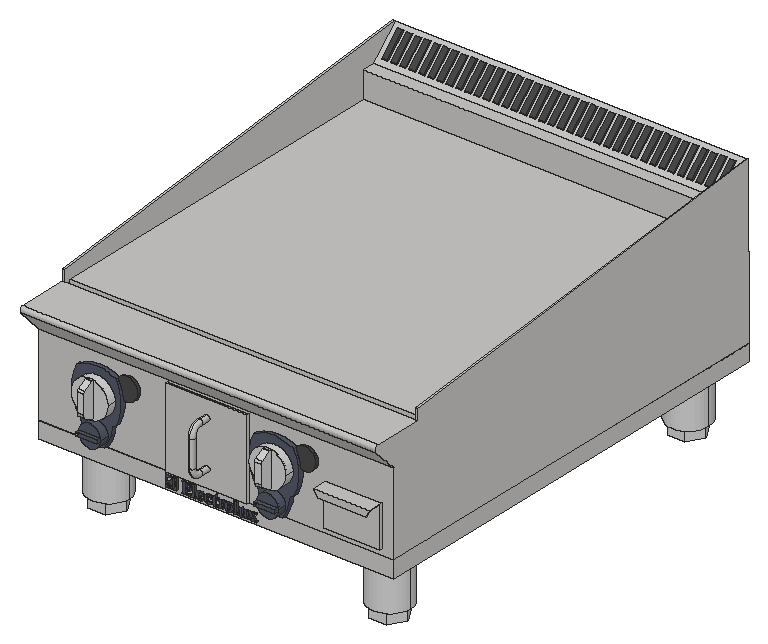
Revit family "QF_ELECTROLUXPROFESSIONAL_169112_ARG24FL", category Specialty Equipment, Revit 2018
Family settings
  Round Connector Dimension = Use Diameter
  Part Type = Normal
  Work Plane-Based = No
  Always vertical = Yes
  Cut with Voids When Loaded = No
  Shared = Yes
  Room Calculation Point = No
Parameters
  Weight = "159 lbs."
  Watts = 0 W
  URL Manufacturer = "www.electrolux.com/foodservice"
  URL Cutsheet = "www.electrolux.com/foodservice"
  URL = "www.electrolux.com/foodservice"
  Type Mark [instance] = ""
  Type Comments = ""
  Status [instance] = ""
  Specification by User [instance] = ""
  Specification by Manufacturer = ""
  Show Logo [instance] = yes
  Show Clearance [instance] = yes
  Serial Number = ""
  Seismic Rating = ""
  SMACNA No = ""
  Revision Code [instance] = ""
  Omniclass Number and Title = ""
  NAFEM Spec ID Number = ""
  Model = "ARG24FL"
  Mechanical Remarks [instance] = ""
  Mechanical Connection Type [instance] = ""
  MasterSpec. = ""
  Manufacturer = "ELECTROLUX"
  Item Number [instance] = ""
  Installed By [instance] = ""
  Identify Quantity as Lot [instance] = yes
  HP = "0 HP"
  Gas Size = 3/4"
  Gas RI Height [instance] = 0"
  Gas RI Connection Height [instance] = 4 15/16"
  Gas KW = 15.2
  Gas Input = 52000.0 Btu/h
  Furnished By [instance] = ""
  Foodservice Equipment Identifier [instance] = yes
  Direct Waste Size = 0"
  Description = "Smooth Gas Griddle Top 24\""
  CSI MasterFormat = ""
  CSI Master Format = ""
Reference planes (in)
  plane 1 "BACK": y = 0
  plane 2: z = 0
  plane 3 "LEFT": x = 0
  plane 4 "RIGHT": x = 24.00787
  plane 5 "FRONT": y = -31.49658
  plane 6 "TOP": z = 16.5
Forms (in)
  Extrusion 1, solid, material "QF_Finishes_Stainless Steel"
    sketch origin (0, 0, 0) x (0, 1, 0) y (0, 0, 1)
      loop
        arc (-31.25479, 12.9375) -> (-31.47376, 12.79398) -> (-31.42952, 12.53592) r 0.23881
        line (-31.42952, 12.53592) -> (-29.9375, 10.93422) -> (-29.9375, 5.4064) -> (0, 5.4064) -> (0, 10.90544) -> (-27.90985, 10.90544) -> (-27.90963, 12.9375) -> (-31.25479, 12.9375)
      loop
        line (-29.9375, 5.36704) -> (-29.9375, 4.25) -> (0, 4.25) -> (0, 5.34478) -> (-29.9375, 5.36704)
    from 0 to 24.00787
  Extrusion 2, solid, material "QF_Finishes_Handrails and Railings"
    sketch origin (0.0197, -1.36719, 0) x (1, 0, 0) y (0, 1, 0)
      loop
        line (3.07085, -24.73494) -> (1.88975, -24.73494) -> (1.2992, -25.75781) -> (1.88975, -26.78067) -> (3.07085, -26.78067) -> (3.6614, -25.75781) -> (3.07085, -24.73494)
    from 0 to 0.78729
  Revolve 3, solid, material "QF_Finishes_Handrails and Railings"
    sketch origin (0.0197, -27.125, 0) x (1, 0, 0) y (0, 0, 1)
      loop
        line (2.4803, 0.78729) -> (2.4803, 4.25) -> (1.10235, 4.25) -> (1.10235, 0.78729) -> (2.4803, 0.78729)
      axis (2.4803, 4.25) -> (2.4803, 0.78729)
    angle from 0 to 360
  Extrusion 4, solid, material "QF_Finishes_Handrails and Railings"
    sketch origin (0.0197, 23.82031, 0) x (1, 0, 0) y (0, 1, 0)
      loop
        line (3.07085, -24.73494) -> (1.88975, -24.73494) -> (1.2992, -25.75781) -> (1.88975, -26.78067) -> (3.07085, -26.78067) -> (3.6614, -25.75781) -> (3.07085, -24.73494)
    from 0 to 0.78729
  Revolve 5, solid, material "QF_Finishes_Handrails and Railings"
    sketch origin (0.0197, -1.9375, 0) x (1, 0, 0) y (0, 0, 1)
      loop
        line (2.4803, 0.78729) -> (2.4803, 4.25) -> (1.10235, 4.25) -> (1.10235, 0.78729) -> (2.4803, 0.78729)
      axis (2.4803, 4.25) -> (2.4803, 0.78729)
    angle from 0 to 360
  Extrusion 6, solid, material "Navy Blue"
    sketch origin (12, -0.0625, 0.0625) x (-1, 0, 0) y (0, 0, -1)
      loop
        arc (6.50574, -9.87065) -> (7.85673, -10.23541) -> (9.20772, -9.87065) r 2.68427
        arc (9.20772, -9.87065) -> (9.54528, -8.46518) -> (9.20772, -7.05971) r 3.09468
        arc (9.20772, -7.05971) -> (9.0835, -6.99168) -> (8.95585, -6.9303) r 2.68427
        arc (8.95585, -6.9303) -> (8.79259, -6.1671) -> (8.45137, -5.46518) r 3.23648
        arc (8.45137, -5.46518) -> (7.85673, -5.39194) -> (7.26209, -5.46518) r 2.45046
        arc (7.26209, -5.46518) -> (6.92088, -6.1671) -> (6.75761, -6.9303) r 3.23648
        arc (6.75761, -6.9303) -> (6.62997, -6.99168) -> (6.50574, -7.05971) r 2.68427
        arc (6.50574, -7.05971) -> (6.16818, -8.46518) -> (6.50574, -9.87065) r 3.09468
    from 29.875 to 30.17272
  Extrusion 7, solid, material "QF_Finishes_Handrails and Railings"
    sketch origin (12, -0.0625, 0.0625) x (-1, 0, 0) y (0, 0, -1)
      loop
        circle (7.85673, -8.46518) r 1.25
    from 30.17272 to 30.7208
  Extrusion 8, solid, material "QF_Finishes_Handrails and Railings"
    sketch origin (12, -0.14406, 0.0625) x (0, 1, 0) y (0, 0, -1)
      loop
        line (-30.7208, -9.61954) -> (-30.63924, -9.61954) -> (-30.63924, -7.31125) -> (-30.7208, -7.31125) -> (-31.27282, -7.62384)
        arc (-31.27282, -7.62384) -> (-31.37661, -7.72631) -> (-31.41471, -7.86711) r 0.27972
        line (-31.41471, -7.86711) -> (-31.41533, -9.12681)
        arc (-31.41533, -9.12681) -> (-31.39236, -9.21203) -> (-31.32961, -9.27409) r 0.16924
        line (-31.32961, -9.27409) -> (-30.7208, -9.61954)
    from 7.63866 to 8.09484
  Extrusion 9, solid, material "Navy Blue", visible <- "Show Logo"
    sketch origin (-13.82651, 15.96237, -64.47924) x (1, 0, 0) y (0, 0, 1)
      loop
        line (22.92786, 69.6462) -> (22.92786, 68.97238)
        arc (22.92786, 68.97238) -> (23.17694, 69.30929) -> (22.92786, 69.6462) r 0.35239
      loop
        arc (22.89359, 69.6462) -> (22.61337, 69.58251) -> (22.47836, 69.32883) r 0.34534
        line (22.47836, 69.32883) -> (22.58983, 69.32883)
        arc (22.58983, 69.32883) -> (22.78898, 69.40966) -> (22.89359, 69.59741) r 0.32369
        line (22.89359, 69.59741) -> (22.89359, 69.6462)
      loop
        arc (22.89359, 69.02118) -> (22.78898, 69.20892) -> (22.58983, 69.28976) r 0.32369
        line (22.58983, 69.28976) -> (22.47836, 69.28976)
        arc (22.47836, 69.28976) -> (22.61314, 69.03398) -> (22.89359, 68.96373) r 0.35438
        line (22.89359, 68.96373) -> (22.89359, 69.02118)
      loop
        line (22.45278, 69.68297) -> (22.45278, 68.93408) -> (23.20268, 68.93408) -> (23.20268, 69.68297) -> (22.45278, 69.68297)
      loop
        line (23.57392, 69.68753) -> (23.57392, 69.6483)
        arc (23.57392, 69.6483) -> (23.62149, 69.63495) -> (23.64661, 69.59241) r 0.06626
        line (23.64661, 69.59241) -> (23.64661, 69.02506)
        arc (23.64661, 69.02506) -> (23.62256, 68.98016) -> (23.57396, 68.96488) r 0.06745
        line (23.57396, 68.96488) -> (23.57396, 68.92937) -> (24.14289, 68.92937) -> (24.14289, 69.07925) -> (24.094, 69.07925)
        arc (24.094, 69.07925) -> (24.0624, 69.02972) -> (24.00915, 69.0049) r 0.10503
        line (24.00915, 69.0049) -> (23.87299, 69.0049)
        arc (23.87299, 69.0049) -> (23.83329, 69.01991) -> (23.81345, 69.05743) r 0.06
        line (23.81345, 69.05743) -> (23.81345, 69.28009) -> (24.01361, 69.28009)
        arc (24.01361, 69.28009) -> (24.04135, 69.26003) -> (24.05328, 69.22795) r 0.05899
        line (24.05328, 69.22795) -> (24.08489, 69.22795) -> (24.08489, 69.40532) -> (24.05328, 69.40532)
        arc (24.05328, 69.40532) -> (24.04135, 69.37324) -> (24.01361, 69.35319) r 0.05899
        line (24.01361, 69.35319) -> (23.81345, 69.35319) -> (23.81345, 69.60803) -> (24.01764, 69.60803)
        arc (24.01764, 69.60803) -> (24.06367, 69.59288) -> (24.08951, 69.55188) r 0.07161
        line (24.08951, 69.55188) -> (24.12389, 69.55188) -> (24.12389, 69.68753) -> (23.57392, 69.68753)
      loop
        line (24.19687, 69.68753) -> (24.19687, 69.65098)
        arc (24.19687, 69.65098) -> (24.24558, 69.63081) -> (24.26576, 69.58209) r 0.06889
        line (24.26576, 69.58209) -> (24.26576, 69.05632)
        arc (24.26576, 69.05632) -> (24.24416, 69.00892) -> (24.19421, 68.99412) r 0.06281
        line (24.19421, 68.99412) -> (24.19421, 68.92937) -> (24.48487, 68.92937) -> (24.48487, 68.99412)
        arc (24.48487, 68.99412) -> (24.43492, 69.00892) -> (24.41332, 69.05632) r 0.06281
        line (24.41332, 69.05632) -> (24.41332, 69.71411) -> (24.19687, 69.68753)
      loop
        line (24.67774, 69.1307) -> (24.67774, 69.19988) -> (25.02902, 69.19988) -> (25.02902, 69.24342)
        arc (25.02902, 69.24342) -> (24.97537, 69.38403) -> (24.8417, 69.45315) r 0.21106
        line (24.8417, 69.45315) -> (24.74575, 69.45315)
        arc (24.74575, 69.45315) -> (24.58967, 69.3885) -> (24.52503, 69.23242) r 0.22073
        line (24.52503, 69.23242) -> (24.52503, 69.123)
        arc (24.52503, 69.123) -> (24.60594, 68.96944) -> (24.76978, 68.91213) r 0.23712
        arc (24.76978, 68.91213) -> (24.904, 68.93198) -> (25.01703, 69.00704) r 0.31131
        line (25.01703, 69.00704) -> (25.01703, 69.05875)
        arc (25.01703, 69.05875) -> (24.93153, 69.01883) -> (24.83791, 69.00704) r 0.304
        arc (24.83791, 69.00704) -> (24.73948, 69.04304) -> (24.68203, 69.1307) r 0.16658
      loop
        line (24.67774, 69.2685) -> (24.88387, 69.2685) -> (24.88387, 69.31067)
        arc (24.88387, 69.31067) -> (24.8636, 69.36636) -> (24.81228, 69.39599) r 0.08663
        line (24.81228, 69.39599) -> (24.7671, 69.39599)
        arc (24.7671, 69.39599) -> (24.69868, 69.34888) -> (24.67774, 69.2685) r 0.11901
      loop
        arc (25.57907, 69.42057) -> (25.48785, 69.4472) -> (25.39322, 69.45579) r 0.49163
        line (25.39322, 69.45579) -> (25.31898, 69.45579)
        arc (25.31898, 69.45579) -> (25.16644, 69.39261) -> (25.10326, 69.24007) r 0.21572
        line (25.10326, 69.24007) -> (25.10326, 69.09839)
        arc (25.10326, 69.09839) -> (25.1737, 68.97407) -> (25.30297, 68.91318) r 0.23599
        line (25.30297, 68.91318) -> (25.41932, 68.91318)
        arc (25.41932, 68.91318) -> (25.51994, 68.94946) -> (25.60259, 69.01736) r 0.31449
        line (25.60259, 69.01736) -> (25.60259, 69.06672) -> (25.56735, 69.06672)
        arc (25.56735, 69.06672) -> (25.51758, 69.02418) -> (25.45391, 69.00888) r 0.14017
        line (25.45391, 69.00888) -> (25.37135, 69.00888)
        arc (25.37135, 69.00888) -> (25.28191, 69.06369) -> (25.2469, 69.16257) r 0.15712
        line (25.2469, 69.16257) -> (25.2469, 69.23224)
        arc (25.2469, 69.23224) -> (25.27742, 69.33147) -> (25.36813, 69.38195) r 0.13914
        line (25.36813, 69.38195) -> (25.42553, 69.38195)
        arc (25.42553, 69.38195) -> (25.4982, 69.34763) -> (25.53993, 69.27894) r 0.13972
        line (25.53993, 69.27894) -> (25.57907, 69.27894) -> (25.57907, 69.42057)
      loop
        line (25.5938, 69.36509) -> (25.67558, 69.36509) -> (25.67558, 69.03555)
        arc (25.67558, 69.03555) -> (25.71142, 68.94902) -> (25.79795, 68.91318) r 0.12237
        line (25.79795, 68.91318) -> (25.88423, 68.91318)
        arc (25.88423, 68.91318) -> (25.95312, 68.94271) -> (26.00819, 68.99355) r 0.22123
        line (26.00819, 68.99355) -> (26.00819, 69.02847) -> (25.97122, 69.02847)
        arc (25.97122, 69.02847) -> (25.93052, 69.00759) -> (25.88479, 69.00888) r 0.09207
        arc (25.88479, 69.00888) -> (25.84186, 69.03838) -> (25.82533, 69.08778) r 0.08208
        line (25.82533, 69.08778) -> (25.82533, 69.36773) -> (25.95595, 69.36773) -> (25.98627, 69.39804) -> (25.98627, 69.44281) -> (25.83045, 69.44281) -> (25.83045, 69.61886) -> (25.5938, 69.36509)
      loop
        line (26.03517, 68.92504) -> (26.32868, 68.92504) -> (26.32868, 68.98552)
        arc (26.32868, 68.98552) -> (26.27686, 69.00698) -> (26.2554, 69.0588) r 0.07328
        line (26.2554, 69.0588) -> (26.2554, 69.25583)
        arc (26.2554, 69.25583) -> (26.28765, 69.29749) -> (26.33792, 69.31327) r 0.088
        line (26.33792, 69.31327) -> (26.42268, 69.31327) -> (26.46, 69.45253) -> (26.38466, 69.45253)
        arc (26.38466, 69.45253) -> (26.3098, 69.42153) -> (26.2788, 69.34667) r 0.10586
        line (26.2788, 69.34667) -> (26.24521, 69.34667) -> (26.24521, 69.44913) -> (26.0346, 69.42699) -> (26.0346, 69.39208)
        arc (26.0346, 69.39208) -> (26.08292, 69.37113) -> (26.10845, 69.32506) r 0.08178
        line (26.10845, 69.32506) -> (26.10845, 69.0588)
        arc (26.10845, 69.0588) -> (26.08698, 69.00698) -> (26.03517, 68.98552) r 0.07328
        line (26.03517, 68.98552) -> (26.03517, 68.92504)
      loop
        line (26.4717, 69.2575) -> (26.4717, 69.11082)
        arc (26.4717, 69.11082) -> (26.54295, 68.97757) -> (26.68084, 68.91579) r 0.23366
        arc (26.68084, 68.91579) -> (26.75604, 68.91233) -> (26.83125, 68.91579) r 0.81853
        arc (26.83125, 68.91579) -> (26.96914, 68.97757) -> (27.04039, 69.11082) r 0.23366
        line (27.04039, 69.11082) -> (27.04039, 69.2575)
        arc (27.04039, 69.2575) -> (26.96914, 69.39075) -> (26.83125, 69.45253) r 0.23366
        arc (26.83125, 69.45253) -> (26.75604, 69.45599) -> (26.68084, 69.45253) r 0.81853
        arc (26.68084, 69.45253) -> (26.54295, 69.39075) -> (26.4717, 69.2575) r 0.23366
      loop
        line (26.64139, 69.26866) -> (26.64139, 69.09966)
        arc (26.64139, 69.09966) -> (26.75891, 68.98213) -> (26.87643, 69.09966) r 0.11752
        line (26.87643, 69.09966) -> (26.87643, 69.26866)
        arc (26.87643, 69.26866) -> (26.75891, 69.38619) -> (26.64139, 69.26866) r 0.11752
      loop
        line (27.08187, 69.68753) -> (27.08187, 69.64903)
        arc (27.08187, 69.64903) -> (27.13059, 69.62885) -> (27.15076, 69.58014) r 0.06889
        line (27.15076, 69.58014) -> (27.15076, 69.04265)
        arc (27.15076, 69.04265) -> (27.12916, 68.99525) -> (27.07922, 68.98045) r 0.06281
        line (27.07922, 68.98045) -> (27.07922, 68.92937) -> (27.36987, 68.92937) -> (27.36987, 68.98045)
        arc (27.36987, 68.98045) -> (27.31992, 68.99525) -> (27.29832, 69.04265) r 0.06281
        line (27.29832, 69.04265) -> (27.29832, 69.71411) -> (27.08187, 69.68753)
      loop
        arc (27.56578, 68.9189) -> (27.48158, 68.95913) -> (27.44739, 69.04596) r 0.12738
        line (27.44739, 69.04596) -> (27.44739, 69.31948)
        arc (27.44739, 69.31948) -> (27.42537, 69.36878) -> (27.37395, 69.38526) r 0.06618
        line (27.37395, 69.38526) -> (27.37395, 69.42631) -> (27.59762, 69.44982) -> (27.59762, 69.11219)
        arc (27.59762, 69.11219) -> (27.62174, 69.04935) -> (27.68172, 69.01879) r 0.09392
        arc (27.68172, 69.01879) -> (27.73752, 69.02275) -> (27.78856, 69.04565) r 0.16019
        line (27.78856, 69.04565) -> (27.78856, 69.32369)
        arc (27.78856, 69.32369) -> (27.76083, 69.36469) -> (27.71529, 69.38406) r 0.08743
        line (27.71529, 69.38406) -> (27.71529, 69.42692) -> (27.94433, 69.44294) -> (27.94433, 69.02604)
        arc (27.94433, 69.02604) -> (27.9585, 68.98878) -> (27.99384, 68.97036) r 0.05606
        line (27.99384, 68.97036) -> (27.99384, 68.92937) -> (27.8523, 68.92937)
        arc (27.8523, 68.92937) -> (27.81996, 68.94344) -> (27.80822, 68.97669) r 0.04419
        line (27.80822, 68.97669) -> (27.77574, 68.97669)
        arc (27.77574, 68.97669) -> (27.72, 68.93392) -> (27.65141, 68.91872) r 0.1623
        line (27.65141, 68.91872) -> (27.5689, 68.91872)
      loop
        line (27.99384, 69.43917) -> (27.99384, 69.40417)
        arc (27.99384, 69.40417) -> (28.05152, 69.38277) -> (28.10231, 69.34805) r 0.25223
        line (28.10231, 69.34805) -> (28.22795, 69.17511) -> (28.05838, 68.98679)
        arc (28.05838, 68.98679) -> (28.03693, 68.97387) -> (28.01192, 68.97509) r 0.04299
        line (28.01192, 68.97509) -> (28.01192, 68.92937) -> (28.20509, 68.92937) -> (28.20509, 68.97439)
        arc (28.20509, 68.97439) -> (28.18534, 68.99304) -> (28.19035, 69.01974) r 0.02835
        line (28.19035, 69.01974) -> (28.27051, 69.11781) -> (28.34546, 69.00239)
        arc (28.34546, 69.00239) -> (28.32857, 68.98053) -> (28.30136, 68.97581) r 0.03815
        line (28.30136, 68.97581) -> (28.30136, 68.92937) -> (28.63046, 68.92937) -> (28.63046, 68.97768)
        arc (28.63046, 68.97768) -> (28.59456, 68.98133) -> (28.56559, 69.00285) r 0.06795
        line (28.56559, 69.00285) -> (28.38385, 69.23546) -> (28.48746, 69.35895)
        arc (28.48746, 69.35895) -> (28.53396, 69.39302) -> (28.59095, 69.40172) r 0.12107
        line (28.59095, 69.40172) -> (28.59095, 69.43917) -> (28.38306, 69.43917) -> (28.38306, 69.40172)
        arc (28.38306, 69.40172) -> (28.41038, 69.38848) -> (28.40759, 69.35825) r 0.02666
        line (28.40759, 69.35825) -> (28.33803, 69.27536) -> (28.27317, 69.36799)
        arc (28.27317, 69.36799) -> (28.28698, 69.39468) -> (28.31549, 69.40418) r 0.03992
        line (28.31549, 69.40418) -> (28.31549, 69.43917) -> (27.99384, 69.43917)
    from 45.89987 to 45.9727
  Extrusion 10, solid, material "QF_Finishes_Clearance", visible <- "Show Clearance", detail levels coarse
    sketch origin (2.80868, 0.84181, 0) x (1, 0, 0) y (0, 1, 0)
      loop
        line (-6.80868, -32.33839) -> (-2.80868, -32.33839) -> (-2.80868, -0.84181) -> (21.19919, -0.84181) -> (21.19919, -32.33839) -> (25.19919, -32.33839) -> (25.19919, 3.15819) -> (-6.80868, 3.15819) -> (-6.80868, -32.33839)
    from 0 to 16.5
  Extrusion 11, solid, material "QF_Finishes_Stainless Steel"
    sketch origin (0, 0, 0) x (0, 1, 0) y (0, 0, 1)
      loop
        line (0, 16.49598) -> (-27.90955, 13.66131) -> (-27.90985, 10.90544) -> (0, 10.90544) -> (0, 16.49598)
    from 0 to 0.125
  Extrusion 12, solid, material "QF_Finishes_Stainless Steel"
    sketch origin (24.00787, 0, 0) x (0, 1, 0) y (0, 0, -1)
      loop
        line (0, -16.49598) -> (0, -10.90544) -> (-27.90985, -10.90544) -> (-27.90955, -13.66131) -> (0, -16.49598)
    from 0 to 0.125
  Extrusion 13, solid, material "QF_Finishes_Stainless Steel"
    sketch origin (12, -0.0625, 0.0625) x (0, 1, 0) y (0, 0, 1)
      loop
        line (-29.875, 5.70534) -> (-29.875, 8.47731) -> (-30.90512, 8.47731) -> (-30.90512, 8.41481) -> (-29.98514, 8.41481) -> (-29.98514, 5.70534) -> (-29.875, 5.70534)
    from 7.38335 to 11.1681
  Extrusion 14, solid, material "QF_Finishes_Stainless Steel"
    sketch origin (12, -30.90512, 0.10485) x (1, 0, 0) y (0, 0, 1)
      loop
        line (7.70165, 7.95962) -> (10.94612, 7.95962) -> (11.1681, 8.37246) -> (7.39575, 8.37246) -> (7.70165, 7.95962)
    from 0 to 0.0625
  Extrusion 15, solid, material "Navy Blue"
    sketch origin (12, -0.0625, -1.1875) x (-1, 0, 0) y (0, 0, -1)
      loop
        circle (7.85673, -7.46518) r 0.75
    from 30.17272 to 30.7208
  Extrusion 16, solid, material "Navy Blue"
    sketch origin (12, -0.61058, -1.1875) x (-1, 0, 0) y (0, 0, -1)
      loop
        arc (8.56453, -7.59018) -> (8.57121, -7.54347) -> (8.5748, -7.49643) r 0.71875
        line (8.5748, -7.49643) -> (8.42921, -7.49643) -> (8.42921, -7.43393) -> (8.5748, -7.43393)
        arc (8.5748, -7.43393) -> (8.57121, -7.38689) -> (8.56453, -7.34018) r 0.71875
        line (8.56453, -7.34018) -> (7.14894, -7.34018)
        arc (7.14894, -7.34018) -> (7.13798, -7.46518) -> (7.14894, -7.59018) r 0.71875
        line (7.14894, -7.59018) -> (8.56453, -7.59018)
    from 30.17272 to 30.4485
  Extrusion 17, solid, material "QF_Finishes_Stainless Steel"
    sketch origin (12, -0.61058, -1.14458) x (-1, 0, 0) y (0, 0, -1)
      loop
        line (8.42921, -7.39101) -> (8.42921, -7.45351) -> (8.5748, -7.45351)
        arc (8.5748, -7.45351) -> (8.57548, -7.42226) -> (8.5748, -7.39101) r 0.71875
        line (8.5748, -7.39101) -> (8.42921, -7.39101)
    from 30.17272 to 30.4485
  Extrusion 18, solid, material "QF_Finishes_Black"
    sketch origin (13.25, -0.0625, 0.0625) x (-1, 0, 0) y (0, 0, -1)
      loop
        arc (7.43235, -8.761) -> (6.41638, -9.66015) -> (7.75645, -9.87203) r 0.75
        arc (7.75645, -9.87203) -> (7.542, -9.3318) -> (7.43235, -8.761) r 3.09468
    from 29.875 to 30.04764
  Extrusion 19, solid, material "QF_Finishes_Black"
    sketch origin (-0.46752, -0.15571, 16.35418) x (1, 0, 0) y (0, 0.729904, 0.68355)
      loop
        line (0.98622, -1.95113) -> (1.36122, -1.95113) -> (1.36122, -0.125) -> (0.98622, -0.125) -> (0.98622, -1.95113)
      loop
        line (1.61122, -1.95113) -> (1.98622, -1.95113) -> (1.98622, -0.125) -> (1.61122, -0.125) -> (1.61122, -1.95113)
      loop
        line (2.23622, -1.95113) -> (2.61122, -1.95113) -> (2.61122, -0.125) -> (2.23622, -0.125) -> (2.23622, -1.95113)
      loop
        line (2.86122, -1.95113) -> (3.23622, -1.95113) -> (3.23622, -0.125) -> (2.86122, -0.125) -> (2.86122, -1.95113)
      loop
        line (3.48622, -1.95113) -> (3.86122, -1.95113) -> (3.86122, -0.125) -> (3.48622, -0.125) -> (3.48622, -1.95113)
      loop
        line (4.11122, -1.95113) -> (4.48622, -1.95113) -> (4.48622, -0.125) -> (4.11122, -0.125) -> (4.11122, -1.95113)
      loop
        line (4.73622, -1.95113) -> (5.11122, -1.95113) -> (5.11122, -0.125) -> (4.73622, -0.125) -> (4.73622, -1.95113)
      loop
        line (5.36122, -1.95113) -> (5.73622, -1.95113) -> (5.73622, -0.125) -> (5.36122, -0.125) -> (5.36122, -1.95113)
      loop
        line (5.98622, -1.95113) -> (6.36122, -1.95113) -> (6.36122, -0.125) -> (5.98622, -0.125) -> (5.98622, -1.95113)
      loop
        line (6.61122, -1.95113) -> (6.98622, -1.95113) -> (6.98622, -0.125) -> (6.61122, -0.125) -> (6.61122, -1.95113)
      loop
        line (7.23622, -1.95113) -> (7.61122, -1.95113) -> (7.61122, -0.125) -> (7.23622, -0.125) -> (7.23622, -1.95113)
      loop
        line (7.86122, -1.95113) -> (8.23622, -1.95113) -> (8.23622, -0.125) -> (7.86122, -0.125) -> (7.86122, -1.95113)
      loop
        line (8.48622, -1.95113) -> (8.86122, -1.95113) -> (8.86122, -0.125) -> (8.48622, -0.125) -> (8.48622, -1.95113)
      loop
        line (9.11122, -1.95113) -> (9.48622, -1.95113) -> (9.48622, -0.125) -> (9.11122, -0.125) -> (9.11122, -1.95113)
      loop
        line (9.73622, -1.95113) -> (10.11122, -1.95113) -> (10.11122, -0.125) -> (9.73622, -0.125) -> (9.73622, -1.95113)
      loop
        line (10.36122, -1.95113) -> (10.73622, -1.95113) -> (10.73622, -0.125) -> (10.36122, -0.125) -> (10.36122, -1.95113)
      loop
        line (10.98622, -1.95113) -> (11.36122, -1.95113) -> (11.36122, -0.125) -> (10.98622, -0.125) -> (10.98622, -1.95113)
      loop
        line (11.61122, -1.95113) -> (11.98622, -1.95113) -> (11.98622, -0.125) -> (11.61122, -0.125) -> (11.61122, -1.95113)
      loop
        line (12.23622, -1.95113) -> (12.61122, -1.95113) -> (12.61122, -0.125) -> (12.23622, -0.125) -> (12.23622, -1.95113)
      loop
        line (12.86122, -1.95113) -> (13.23622, -1.95113) -> (13.23622, -0.125) -> (12.86122, -0.125) -> (12.86122, -1.95113)
      loop
        line (13.48622, -1.95113) -> (13.86122, -1.95113) -> (13.86122, -0.125) -> (13.48622, -0.125) -> (13.48622, -1.95113)
      loop
        line (14.11122, -1.95113) -> (14.48622, -1.95113) -> (14.48622, -0.125) -> (14.11122, -0.125) -> (14.11122, -1.95113)
      loop
        line (14.73622, -1.95113) -> (15.11122, -1.95113) -> (15.11122, -0.125) -> (14.73622, -0.125) -> (14.73622, -1.95113)
      loop
        line (15.36122, -1.95113) -> (15.73622, -1.95113) -> (15.73622, -0.125) -> (15.36122, -0.125) -> (15.36122, -1.95113)
      loop
        line (15.98622, -1.95113) -> (16.36122, -1.95113) -> (16.36122, -0.125) -> (15.98622, -0.125) -> (15.98622, -1.95113)
      loop
        line (16.61122, -1.95113) -> (16.98622, -1.95113) -> (16.98622, -0.125) -> (16.61122, -0.125) -> (16.61122, -1.95113)
      loop
        line (17.23622, -1.95113) -> (17.61122, -1.95113) -> (17.61122, -0.125) -> (17.23622, -0.125) -> (17.23622, -1.95113)
      loop
        line (17.86122, -1.95113) -> (18.23622, -1.95113) -> (18.23622, -0.125) -> (17.86122, -0.125) -> (17.86122, -1.95113)
      loop
        line (18.48622, -1.95113) -> (18.86122, -1.95113) -> (18.86122, -0.125) -> (18.48622, -0.125) -> (18.48622, -1.95113)
      loop
        line (19.11122, -1.95113) -> (19.48622, -1.95113) -> (19.48622, -0.125) -> (19.11122, -0.125) -> (19.11122, -1.95113)
      loop
        line (19.73622, -1.95113) -> (20.11122, -1.95113) -> (20.11122, -0.125) -> (19.73622, -0.125) -> (19.73622, -1.95113)
      loop
        line (20.36122, -1.95113) -> (20.73622, -1.95113) -> (20.73622, -0.125) -> (20.36122, -0.125) -> (20.36122, -1.95113)
      loop
        line (20.98622, -1.95113) -> (21.36122, -1.95113) -> (21.36122, -0.125) -> (20.98622, -0.125) -> (20.98622, -1.95113)
      loop
        line (21.61122, -1.95113) -> (21.98622, -1.95113) -> (21.98622, -0.125) -> (21.61122, -0.125) -> (21.61122, -1.95113)
      loop
        line (22.23622, -1.95113) -> (22.61122, -1.95113) -> (22.61122, -0.125) -> (22.23622, -0.125) -> (22.23622, -1.95113)
      loop
        line (22.86122, -1.95113) -> (23.23622, -1.95113) -> (23.23622, -0.125) -> (22.86122, -0.125) -> (22.86122, -1.95113)
      loop
        line (23.48622, -1.95113) -> (23.86122, -1.95113) -> (23.86122, -0.125) -> (23.48622, -0.125) -> (23.48622, -1.95113)
    from 0 to 0.0625
  Extrusion 20, solid, material "QF_Finishes_Stainless Steel"
    sketch origin (0, 0, 0) x (0, 1, 0) y (0, 0, 1)
      loop
        line (0, 16.5) -> (-1.86867, 14.75) -> (-2.73705, 14.75) -> (-2.73705, 12.9375) -> (-27.5151, 12.9375) -> (-27.51532, 10.90544) -> (0, 10.90544) -> (0, 16.5)
    from 0.125 to 23.88287
  Extrusion 21, solid, material "QF_Finishes_Stainless Steel"
    sketch origin (11.9375, -1.9105, 0.8125) x (1, 0, 0) y (0, 0, 1)
      loop
        circle (8.69537, 4.1875) r 0.375
    from -2.598 to -1.9105
  Extrusion 22, solid, material "QF_Finishes_Handrails and Railings"
    sketch origin (23.9803, -1.36719, 0) x (-1, 0, 0) y (0, -1, 0)
      loop
        line (3.07085, 24.73494) -> (3.6614, 25.75781) -> (3.07085, 26.78067) -> (1.88975, 26.78067) -> (1.2992, 25.75781) -> (1.88975, 24.73494) -> (3.07085, 24.73494)
    from 0 to 0.78729
  Revolve 23, solid, material "QF_Finishes_Handrails and Railings"
    sketch origin (23.9803, -27.125, 0) x (-1, 0, 0) y (0, 0, -1)
      loop
        line (2.4803, -0.78729) -> (1.10235, -0.78729) -> (1.10235, -4.25) -> (2.4803, -4.25) -> (2.4803, -0.78729)
      axis (2.4803, -4.25) -> (2.4803, -0.78729)
    angle from 0 to 360
  Extrusion 24, solid, material "QF_Finishes_Handrails and Railings"
    sketch origin (23.9803, 23.82031, 0) x (-1, 0, 0) y (0, -1, 0)
      loop
        line (3.07085, 24.73494) -> (3.6614, 25.75781) -> (3.07085, 26.78067) -> (1.88975, 26.78067) -> (1.2992, 25.75781) -> (1.88975, 24.73494) -> (3.07085, 24.73494)
    from 0 to 0.78729
  Revolve 25, solid, material "QF_Finishes_Handrails and Railings"
    sketch origin (23.9803, -1.9375, 0) x (-1, 0, 0) y (0, 0, -1)
      loop
        line (2.4803, -0.78729) -> (1.10235, -0.78729) -> (1.10235, -4.25) -> (2.4803, -4.25) -> (2.4803, -0.78729)
      axis (2.4803, -4.25) -> (2.4803, -0.78729)
    angle from 0 to 360
  Extrusion 26, solid, material "Navy Blue"
    sketch origin (24.00787, -0.0625, 0.0625) x (-1, 0, 0) y (0, 0, -1)
      loop
        arc (6.50574, -9.87065) -> (7.85673, -10.23541) -> (9.20772, -9.87065) r 2.68427
        arc (9.20772, -9.87065) -> (9.54528, -8.46518) -> (9.20772, -7.05971) r 3.09468
        arc (9.20772, -7.05971) -> (9.0835, -6.99168) -> (8.95585, -6.9303) r 2.68427
        arc (8.95585, -6.9303) -> (8.79259, -6.1671) -> (8.45137, -5.46518) r 3.23648
        arc (8.45137, -5.46518) -> (7.85673, -5.39194) -> (7.26209, -5.46518) r 2.45046
        arc (7.26209, -5.46518) -> (6.92088, -6.1671) -> (6.75761, -6.9303) r 3.23648
        arc (6.75761, -6.9303) -> (6.62997, -6.99168) -> (6.50574, -7.05971) r 2.68427
        arc (6.50574, -7.05971) -> (6.16818, -8.46518) -> (6.50574, -9.87065) r 3.09468
    from 29.875 to 30.17272
  Extrusion 27, solid, material "QF_Finishes_Handrails and Railings"
    sketch origin (24.00787, -0.0625, 0.0625) x (-1, 0, 0) y (0, 0, -1)
      loop
        circle (7.85673, -8.46518) r 1.25
    from 30.17272 to 30.7208
  Extrusion 28, solid, material "QF_Finishes_Handrails and Railings"
    sketch origin (24.00787, -0.14406, 0.0625) x (0, 1, 0) y (0, 0, -1)
      loop
        line (-30.7208, -9.61954) -> (-30.63924, -9.61954) -> (-30.63924, -7.31125) -> (-30.7208, -7.31125) -> (-31.27282, -7.62384)
        arc (-31.27282, -7.62384) -> (-31.37661, -7.72631) -> (-31.41471, -7.86711) r 0.27972
        line (-31.41471, -7.86711) -> (-31.41533, -9.12681)
        arc (-31.41533, -9.12681) -> (-31.39236, -9.21203) -> (-31.32961, -9.27409) r 0.16924
        line (-31.32961, -9.27409) -> (-30.7208, -9.61954)
    from 7.63866 to 8.09484
  Extrusion 29, solid, material "Navy Blue"
    sketch origin (24.00787, -0.0625, -1.1875) x (-1, 0, 0) y (0, 0, -1)
      loop
        circle (7.85673, -7.46518) r 0.75
    from 30.17272 to 30.7208
  Extrusion 30, solid, material "Navy Blue"
    sketch origin (24.00787, -0.61058, -1.1875) x (-1, 0, 0) y (0, 0, -1)
      loop
        arc (8.56453, -7.59018) -> (8.57121, -7.54347) -> (8.5748, -7.49643) r 0.71875
        line (8.5748, -7.49643) -> (8.42921, -7.49643) -> (8.42921, -7.43393) -> (8.5748, -7.43393)
        arc (8.5748, -7.43393) -> (8.57121, -7.38689) -> (8.56453, -7.34018) r 0.71875
        line (8.56453, -7.34018) -> (7.14894, -7.34018)
        arc (7.14894, -7.34018) -> (7.13798, -7.46518) -> (7.14894, -7.59018) r 0.71875
        line (7.14894, -7.59018) -> (8.56453, -7.59018)
    from 30.17272 to 30.4485
  Extrusion 31, solid, material "QF_Finishes_Stainless Steel"
    sketch origin (24.00787, -0.61058, -1.14458) x (-1, 0, 0) y (0, 0, -1)
      loop
        line (8.42921, -7.39101) -> (8.42921, -7.45351) -> (8.5748, -7.45351)
        arc (8.5748, -7.45351) -> (8.57548, -7.42226) -> (8.5748, -7.39101) r 0.71875
        line (8.5748, -7.39101) -> (8.42921, -7.39101)
    from 30.17272 to 30.4485
  Extrusion 32, solid, material "QF_Finishes_Black"
    sketch origin (25.25787, -0.0625, 0.0625) x (-1, 0, 0) y (0, 0, -1)
      loop
        arc (7.43235, -8.761) -> (6.41638, -9.66015) -> (7.75645, -9.87203) r 0.75
        arc (7.75645, -9.87203) -> (7.542, -9.3318) -> (7.43235, -8.761) r 3.09468
    from 29.875 to 30.04764
  Extrusion 33, solid, material "QF_Finishes_Stainless Steel"
    sketch origin (19.54388, -0.01486, 0.01533) x (0, 0, 1) y (-1, 0, 0)
      loop
        line (5.37858, 5.3439) -> (10.77228, 5.3439) -> (10.77228, 10.81634) -> (5.37858, 10.81634) -> (5.37858, 5.3439)
    from 29.92264 to 30.06107
  Sweep 34, solid, material "QF_Finishes_Stainless Steel"
    path origin (11.46552, 6.02097, 25.16218) x (0, 0, -1) y (0, -1, 0)
      loop
        line (18.42574, 36.0969) -> (18.42574, 36.7219)
        arc (18.42574, 36.7219) -> (18.29892, 37.02809) -> (17.99273, 37.15492) r 0.43301
        line (17.99273, 37.15492) -> (16.1501, 37.15492)
        arc (16.1501, 37.15492) -> (15.84391, 37.02809) -> (15.71708, 36.7219) r 0.43301
        line (15.71708, 36.7219) -> (15.71708, 36.0969)
    profile origin (11.46552, -30.38843, 9.44509) x (0, 0, -1) y (-1, 0, 0)
      loop
        circle (-0.1847, 0) r 0.1847
Cuts and joins
  joined: Extrusion 13, Extrusion 14
  joined: Extrusion 1, Extrusion 11, Extrusion 12
Lines and regions (in)
  symbolic lines, style "QF-Clearances", visible <- "Show Clearance", detail levels coarse
    curve 1: line (-4, 4, 0) -> (28.00787, 4, 0)
    curve 2: line (-4, 4, 0) -> (-4, -31.49658, 0)
    curve 3: line (28.00787, -31.49658, 0) -> (28.00787, 4, 0)
  symbolic lines
    curve 4: line (0, 0, 0) -> (24.00787, 0, 0)
    curve 5: line (0, -31.49658, 0) -> (0, 0, 0)
    curve 6: line (24.00787, -31.49658, 0) -> (0, -31.49658, 0)
    curve 7: line (24.00787, 0, 0) -> (24.00787, -31.49658, 0)
    curve 8: line (24.00787, -27.90964, 0) -> (0, -27.90964, 0)
    curve 9: line (0.125, -27.90964, 0) -> (0.125, 0, 0)
    curve 10: line (23.88287, 0, 0) -> (23.88287, -27.90964, 0)
    curve 11: line (23.88287, -1.86867, 0) -> (0.125, -1.86867, 0)
    curve 12: line (0.125, -2.73705, 0) -> (23.88287, -2.73705, 0)
    curve 13: line (0.5187, -1.62257, 0) -> (0.8937, -1.62257, 0)
    curve 14: line (0.5187, -0.24695, 0) -> (0.5187, -1.62257, 0)
    curve 15: line (0.8937, -0.24695, 0) -> (0.5187, -0.24695, 0)
    curve 16: line (0.8937, -1.62257, 0) -> (0.8937, -0.24695, 0)
    curve 17: line (1.1437, -0.24695, 0) -> (1.5187, -0.24695, 0)
    curve 18: line (1.1437, -1.62257, 0) -> (1.1437, -0.24695, 0)
    curve 19: line (1.5187, -1.62257, 0) -> (1.1437, -1.62257, 0)
    curve 20: line (1.5187, -0.24695, 0) -> (1.5187, -1.62257, 0)
    curve 21: line (1.7687, -0.24695, 0) -> (2.1437, -0.24695, 0)
    curve 22: line (1.7687, -1.62257, 0) -> (1.7687, -0.24695, 0)
    curve 23: line (2.1437, -1.62257, 0) -> (1.7687, -1.62257, 0)
    curve 24: line (2.1437, -0.24695, 0) -> (2.1437, -1.62257, 0)
    curve 25: line (2.3937, -0.24695, 0) -> (2.7687, -0.24695, 0)
    curve 26: line (2.3937, -1.62257, 0) -> (2.3937, -0.24695, 0)
    curve 27: line (2.7687, -1.62257, 0) -> (2.3937, -1.62257, 0)
    curve 28: line (2.7687, -0.24695, 0) -> (2.7687, -1.62257, 0)
    curve 29: line (3.0187, -0.24695, 0) -> (3.3937, -0.24695, 0)
    curve 30: line (3.0187, -1.62257, 0) -> (3.0187, -0.24695, 0)
    curve 31: line (3.3937, -1.62257, 0) -> (3.0187, -1.62257, 0)
    curve 32: line (3.3937, -0.24695, 0) -> (3.3937, -1.62257, 0)
    curve 33: line (3.6437, -0.24695, 0) -> (4.0187, -0.24695, 0)
    curve 34: line (3.6437, -1.62257, 0) -> (3.6437, -0.24695, 0)
    curve 35: line (4.0187, -1.62257, 0) -> (3.6437, -1.62257, 0)
    curve 36: line (4.0187, -0.24695, 0) -> (4.0187, -1.62257, 0)
    curve 37: line (4.2687, -0.24695, 0) -> (4.6437, -0.24695, 0)
    curve 38: line (4.2687, -1.62257, 0) -> (4.2687, -0.24695, 0)
    curve 39: line (4.6437, -1.62257, 0) -> (4.2687, -1.62257, 0)
    curve 40: line (4.6437, -0.24695, 0) -> (4.6437, -1.62257, 0)
    curve 41: line (4.8937, -0.24695, 0) -> (5.2687, -0.24695, 0)
    curve 42: line (4.8937, -1.62257, 0) -> (4.8937, -0.24695, 0)
    curve 43: line (5.2687, -1.62257, 0) -> (4.8937, -1.62257, 0)
    curve 44: line (5.2687, -0.24695, 0) -> (5.2687, -1.62257, 0)
    curve 45: line (5.5187, -0.24695, 0) -> (5.8937, -0.24695, 0)
    curve 46: line (5.5187, -1.62257, 0) -> (5.5187, -0.24695, 0)
    curve 47: line (5.8937, -1.62257, 0) -> (5.5187, -1.62257, 0)
    curve 48: line (5.8937, -0.24695, 0) -> (5.8937, -1.62257, 0)
    curve 49: line (6.1437, -0.24695, 0) -> (6.5187, -0.24695, 0)
    curve 50: line (6.1437, -1.62257, 0) -> (6.1437, -0.24695, 0)
    curve 51: line (6.5187, -1.62257, 0) -> (6.1437, -1.62257, 0)
    curve 52: line (6.5187, -0.24695, 0) -> (6.5187, -1.62257, 0)
    curve 53: line (6.7687, -0.24695, 0) -> (7.1437, -0.24695, 0)
    curve 54: line (6.7687, -1.62257, 0) -> (6.7687, -0.24695, 0)
    curve 55: line (7.1437, -1.62257, 0) -> (6.7687, -1.62257, 0)
    curve 56: line (7.1437, -0.24695, 0) -> (7.1437, -1.62257, 0)
    curve 57: line (7.3937, -0.24695, 0) -> (7.7687, -0.24695, 0)
    curve 58: line (7.3937, -1.62257, 0) -> (7.3937, -0.24695, 0)
    curve 59: line (7.7687, -1.62257, 0) -> (7.3937, -1.62257, 0)
    curve 60: line (7.7687, -0.24695, 0) -> (7.7687, -1.62257, 0)
    curve 61: line (8.0187, -0.24695, 0) -> (8.3937, -0.24695, 0)
    curve 62: line (8.0187, -1.62257, 0) -> (8.0187, -0.24695, 0)
    curve 63: line (8.3937, -1.62257, 0) -> (8.0187, -1.62257, 0)
    curve 64: line (8.3937, -0.24695, 0) -> (8.3937, -1.62257, 0)
    curve 65: line (8.6437, -0.24695, 0) -> (9.0187, -0.24695, 0)
    curve 66: line (8.6437, -1.62257, 0) -> (8.6437, -0.24695, 0)
    curve 67: line (9.0187, -1.62257, 0) -> (8.6437, -1.62257, 0)
    curve 68: line (9.0187, -0.24695, 0) -> (9.0187, -1.62257, 0)
    curve 69: line (9.2687, -0.24695, 0) -> (9.6437, -0.24695, 0)
    curve 70: line (9.2687, -1.62257, 0) -> (9.2687, -0.24695, 0)
    curve 71: line (9.6437, -1.62257, 0) -> (9.2687, -1.62257, 0)
    curve 72: line (9.6437, -0.24695, 0) -> (9.6437, -1.62257, 0)
    curve 73: line (9.8937, -0.24695, 0) -> (10.2687, -0.24695, 0)
    curve 74: line (9.8937, -1.62257, 0) -> (9.8937, -0.24695, 0)
    curve 75: line (10.2687, -1.62257, 0) -> (9.8937, -1.62257, 0)
    curve 76: line (10.2687, -0.24695, 0) -> (10.2687, -1.62257, 0)
    curve 77: line (10.5187, -0.24695, 0) -> (10.8937, -0.24695, 0)
    curve 78: line (10.5187, -1.62257, 0) -> (10.5187, -0.24695, 0)
    curve 79: line (10.8937, -1.62257, 0) -> (10.5187, -1.62257, 0)
    curve 80: line (10.8937, -0.24695, 0) -> (10.8937, -1.62257, 0)
    curve 81: line (11.1437, -0.24695, 0) -> (11.5187, -0.24695, 0)
    curve 82: line (11.1437, -1.62257, 0) -> (11.1437, -0.24695, 0)
    curve 83: line (11.5187, -1.62257, 0) -> (11.1437, -1.62257, 0)
    curve 84: line (11.5187, -0.24695, 0) -> (11.5187, -1.62257, 0)
    curve 85: line (11.7687, -0.24695, 0) -> (12.1437, -0.24695, 0)
    curve 86: line (11.7687, -1.62257, 0) -> (11.7687, -0.24695, 0)
    curve 87: line (12.1437, -1.62257, 0) -> (11.7687, -1.62257, 0)
    curve 88: line (12.1437, -0.24695, 0) -> (12.1437, -1.62257, 0)
    curve 89: line (12.3937, -0.24695, 0) -> (12.7687, -0.24695, 0)
    curve 90: line (12.3937, -1.62257, 0) -> (12.3937, -0.24695, 0)
    curve 91: line (12.7687, -1.62257, 0) -> (12.3937, -1.62257, 0)
    curve 92: line (12.7687, -0.24695, 0) -> (12.7687, -1.62257, 0)
    curve 93: line (13.0187, -0.24695, 0) -> (13.3937, -0.24695, 0)
    curve 94: line (13.0187, -1.62257, 0) -> (13.0187, -0.24695, 0)
    curve 95: line (13.3937, -1.62257, 0) -> (13.0187, -1.62257, 0)
    curve 96: line (13.3937, -0.24695, 0) -> (13.3937, -1.62257, 0)
    curve 97: line (13.6437, -0.24695, 0) -> (14.0187, -0.24695, 0)
    curve 98: line (13.6437, -1.62257, 0) -> (13.6437, -0.24695, 0)
    curve 99: line (14.0187, -1.62257, 0) -> (13.6437, -1.62257, 0)
    curve 100: line (14.0187, -0.24695, 0) -> (14.0187, -1.62257, 0)
    curve 101: line (14.2687, -0.24695, 0) -> (14.6437, -0.24695, 0)
    curve 102: line (14.2687, -1.62257, 0) -> (14.2687, -0.24695, 0)
    curve 103: line (14.6437, -1.62257, 0) -> (14.2687, -1.62257, 0)
    curve 104: line (14.6437, -0.24695, 0) -> (14.6437, -1.62257, 0)
    curve 105: line (14.8937, -0.24695, 0) -> (15.2687, -0.24695, 0)
    curve 106: line (14.8937, -1.62257, 0) -> (14.8937, -0.24695, 0)
    curve 107: line (15.2687, -1.62257, 0) -> (14.8937, -1.62257, 0)
    curve 108: line (15.2687, -0.24695, 0) -> (15.2687, -1.62257, 0)
    curve 109: line (15.5187, -0.24695, 0) -> (15.8937, -0.24695, 0)
    curve 110: line (15.5187, -1.62257, 0) -> (15.5187, -0.24695, 0)
    curve 111: line (15.8937, -1.62257, 0) -> (15.5187, -1.62257, 0)
    curve 112: line (15.8937, -0.24695, 0) -> (15.8937, -1.62257, 0)
    curve 113: line (16.1437, -0.24695, 0) -> (16.5187, -0.24695, 0)
    curve 114: line (16.1437, -1.62257, 0) -> (16.1437, -0.24695, 0)
    curve 115: line (16.5187, -1.62257, 0) -> (16.1437, -1.62257, 0)
    curve 116: line (16.5187, -0.24695, 0) -> (16.5187, -1.62257, 0)
    curve 117: line (16.7687, -0.24695, 0) -> (17.1437, -0.24695, 0)
    curve 118: line (16.7687, -1.62257, 0) -> (16.7687, -0.24695, 0)
    curve 119: line (17.1437, -1.62257, 0) -> (16.7687, -1.62257, 0)
    curve 120: line (17.1437, -0.24695, 0) -> (17.1437, -1.62257, 0)
    curve 121: line (17.3937, -0.24695, 0) -> (17.7687, -0.24695, 0)
    curve 122: line (17.3937, -1.62257, 0) -> (17.3937, -0.24695, 0)
    curve 123: line (17.7687, -1.62257, 0) -> (17.3937, -1.62257, 0)
    curve 124: line (17.7687, -0.24695, 0) -> (17.7687, -1.62257, 0)
    curve 125: line (18.0187, -0.24695, 0) -> (18.3937, -0.24695, 0)
    curve 126: line (18.0187, -1.62257, 0) -> (18.0187, -0.24695, 0)
    curve 127: line (18.3937, -1.62257, 0) -> (18.0187, -1.62257, 0)
    curve 128: line (18.3937, -0.24695, 0) -> (18.3937, -1.62257, 0)
    curve 129: line (18.6437, -0.24695, 0) -> (19.0187, -0.24695, 0)
    curve 130: line (18.6437, -1.62257, 0) -> (18.6437, -0.24695, 0)
    curve 131: line (19.0187, -1.62257, 0) -> (18.6437, -1.62257, 0)
    curve 132: line (19.0187, -0.24695, 0) -> (19.0187, -1.62257, 0)
    curve 133: line (19.2687, -0.24695, 0) -> (19.6437, -0.24695, 0)
    curve 134: line (19.2687, -1.62257, 0) -> (19.2687, -0.24695, 0)
    curve 135: line (19.6437, -1.62257, 0) -> (19.2687, -1.62257, 0)
    curve 136: line (19.6437, -0.24695, 0) -> (19.6437, -1.62257, 0)
    curve 137: line (19.8937, -0.24695, 0) -> (20.2687, -0.24695, 0)
    curve 138: line (19.8937, -1.62257, 0) -> (19.8937, -0.24695, 0)
    curve 139: line (20.2687, -1.62257, 0) -> (19.8937, -1.62257, 0)
    curve 140: line (20.2687, -0.24695, 0) -> (20.2687, -1.62257, 0)
    curve 141: line (20.5187, -0.24695, 0) -> (20.8937, -0.24695, 0)
    curve 142: line (20.5187, -1.62257, 0) -> (20.5187, -0.24695, 0)
    curve 143: line (20.8937, -1.62257, 0) -> (20.5187, -1.62257, 0)
    curve 144: line (20.8937, -0.24695, 0) -> (20.8937, -1.62257, 0)
    curve 145: line (21.1437, -0.24695, 0) -> (21.5187, -0.24695, 0)
    curve 146: line (21.1437, -1.62257, 0) -> (21.1437, -0.24695, 0)
    curve 147: line (21.5187, -1.62257, 0) -> (21.1437, -1.62257, 0)
    curve 148: line (21.5187, -0.24695, 0) -> (21.5187, -1.62257, 0)
    curve 149: line (21.7687, -0.24695, 0) -> (22.1437, -0.24695, 0)
    curve 150: line (21.7687, -1.62257, 0) -> (21.7687, -0.24695, 0)
    curve 151: line (22.1437, -1.62257, 0) -> (21.7687, -1.62257, 0)
    curve 152: line (22.1437, -0.24695, 0) -> (22.1437, -1.62257, 0)
    curve 153: line (22.3937, -0.24695, 0) -> (22.7687, -0.24695, 0)
    curve 154: line (22.3937, -1.62257, 0) -> (22.3937, -0.24695, 0)
    curve 155: line (22.7687, -1.62257, 0) -> (22.3937, -1.62257, 0)
    curve 156: line (22.7687, -0.24695, 0) -> (22.7687, -1.62257, 0)
    curve 157: line (23.0187, -0.24695, 0) -> (23.3937, -0.24695, 0)
    curve 158: line (23.0187, -1.62257, 0) -> (23.0187, -0.24695, 0)
    curve 159: line (23.3937, -1.62257, 0) -> (23.0187, -1.62257, 0)
    curve 160: line (23.3937, -0.24695, 0) -> (23.3937, -1.62257, 0)
    curve 161: line (21.00787, 0.6875, 0) -> (20.25787, 0.6875, 0)
    curve 162: line (20.25787, 0.6875, 0) -> (20.25787, 0, 0)
    curve 163: line (21.00787, 0.6875, 0) -> (21.00787, 0, 0)
    curve 164: line (0.125, -27.5151, 0) -> (23.88287, -27.5151, 0)
Dimensions and locks (in)
  locked: plane 5 "FRONT" to plane 1 "BACK" at 31.49658
  plane 6 "TOP" to level = 16 1/2"
  plane 1 "BACK" to plane 5 "FRONT" = 31.49658"
  plane 1 "BACK" to Extrusion 4 = 1 15/16"
  plane 3 "LEFT" to plane 4 "RIGHT" = 24.00787"
  plane 6 "TOP" to cut or joined group of Extrusion 1, Extrusion 11, Extrusion 12 = 12 1/4"
  Extrusion 4 to Extrusion 2 = 25 3/16"
  Extrusion 10 to plane 3 "LEFT" to plane 4 "RIGHT" to Extrusion 10 = 4", 24.00787", 4"
  plane 1 "BACK" to Extrusion 10 = 4"
  cut or joined group of Extrusion 1, Extrusion 11, Extrusion 12 to Extrusion 21 = 3/4"
  Extrusion 2 to cut or joined group of Extrusion 1, Extrusion 11, Extrusion 12 = 2 13/16"
  cut or joined group of Extrusion 1, Extrusion 11, Extrusion 12 to cut or joined group of Extrusion 1, Extrusion 11, Extrusion 12 = 8 11/16"
  Extrusion 21 to plane 1 "BACK" = 11/16"
  aligned and locked: level to plane 2
  aligned: Extrusion 1 to Extrusion 13 sketch curve
  aligned and locked: Extrusion 20 to Extrusion 11
  aligned and locked: Extrusion 20 to Extrusion 12
Connectors (in)
  piping at (20.63287, 0.6875, 5), diameter 0.75
    settings: on Extrusion 21, index 1, connector inside diameter 3/4", connector length 0", flow factor 0, pipe flow 0 GPM, pressure drop 0.00 psi, fitting loss kfactor 0, connector angle 0.00°, fixture units 0, engagement length 0", angle of deflection 0.00°, flow configuration 1, flow direction 1, fitting loss method 0, system type 7, joint type 0, gender type 0, connector reference index -1, connector utility 0, adjustable connector no, is connector primary yes, connector description "Gas Connection"
